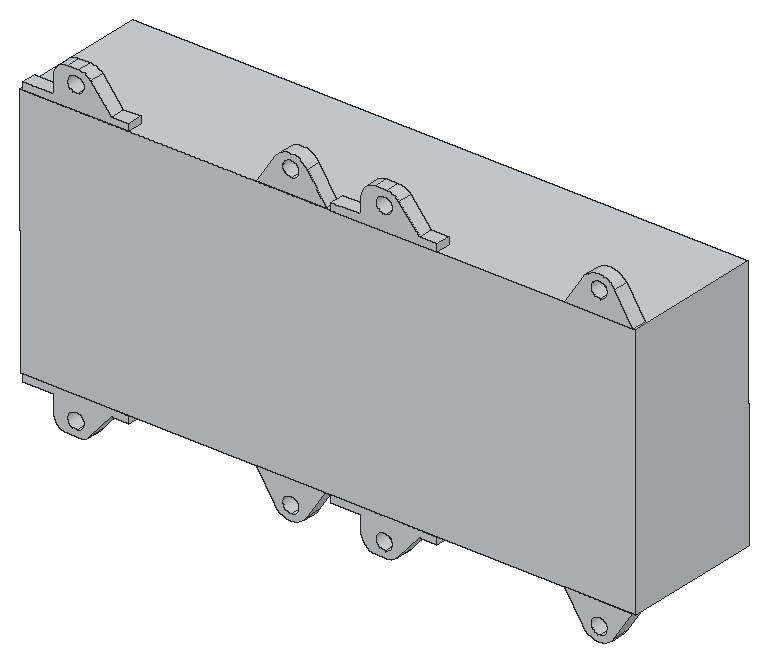
Revit family "Power-MouldedCaseDevices-GEWISS-97MSS-CHANGE-OVER_SWITCH_3POS", category Apparecchi elettrici, host Muro, Revit 2016
Family settings
  Host = Muro
  Mantenere orientamento annotazione = Sì
  Tipo di parte = Normale
  Quota connettore circolare = Usa diametro
  Numero OmniClass = 23.80.30.00
  Titolo OmniClass = Distribution Devices
  Sempre verticale = Sì
  Taglio con vuoti quando caricato = No
  Condiviso = No
  Punto di calcolo locali = Sì
Parameters (values of type "GW97761 - CHANGE-OVER SWITCH I O II 4P 125A")
  Version file RFA = "18.0"
  URL = "https://www.gewiss.com/ww/en"
  Technical sheet = "https://www.gewiss.com/ww/en/search?q=GW97761"
  SEO = "3 way switch"
  Realized by GEWISS S.p.A. = ""
  Rated voltage = "400V"
  Rated current: = "125A"
  Rated current (In) = "125A"
  Produttore = "GEWISS S.p.A."
  Number of poles = "4P"
  No. of poles = "4P"
  No. of modules EN 50022 = "12"
  No. Chorus modules = "12"
  Modello = "GW97761"
  Immagine tipo = GW97761.jpg
  IFC.TypeObject = ""
  IFC.ExportType = ""
  IFC.ExportAs = ""
  IDT = "5e6f2f36-ae44-4c4c-b281-5b61835e2b2d"
  IDF = "55d3bb61-4078-4bff-abed-4f0f13ea2eb6"
  GW - Codice Electrocod = "150"
  EAN code = "8011564211551"
  Descrizione = "CHANGE-OVER SWITCH I O II 4P 125A"
  Catalogue Range = "97 MSS"
  Catalogue = "POWER"
  COBie.Tagnumber = ""
  COBie.CreatedOn = ""
  COBie.CreatebBy = ""
  COBie.ComponentRegisterItemID = ""
  COBie.Component.TagNumber = ""
  COBie.Component.Space = ""
  COBie.Component.SerialNumber = ""
  COBie.Component.InstallationDate = ""
  COBie.Component.Description = ""
  COBie.Component.BarCode = ""
Reference planes
  plane 1 "Muro": y = 0
  plane 2 "Centro (Sinistra/Destra)": x = 125
  plane 3 "Indietro": y = 75
Text (mm)
  text "Lato posizionamento" at (-1848.837, 1116.779, 0), in view "Livello rif."
  text "Lato posizionamento" at (0, 1409.804, 2854.306), in view "Sinistra"
  text "Lato posizionamento" at (0, 499.811, 2980.732), in view "Destra"
Dimensions and locks
  locked: plane 3 "Indietro" to host wall
  aligned and locked: plane 1 "Muro" to host wall
Nested families
  nested 1: "GENERICO -MSS125 COMMUTATORE 3 POSIZIONI" at (125, 75, 452.206) x (-1, 0, 0) z (0, 0, 1), type "GWD8245 Sganciatore differenziale forma a L 4P per MTX/E160 - regolabile"
Definition of nested family "GENERICO -MSS125 COMMUTATORE 3 POSIZIONI"
  Parameters (values of type "GWD8245 Sganciatore differenziale forma a L 4P per MTX/E160 - regolabile")
    h_barra din = if(Altezza barre = 1 mm, 69.9 mm, if(Altezza barre = 2 mm, 115.8 mm, 0 mm))  # 0 mm
    TIPO = 15
    Default Elevation = 1219.2 mm
    Type Image = element 34903
    IFC.TypeObject = ""
    IFC.ExportType = ""
    IFC.ExportAs = ""
    H = if(AB_O = 1, AB_V, if(AB_O = 2, AB_H, 50.8 mm))  # 50.8 mm
    GW96815 = TIPO = 15  # yes
    GW96814 = TIPO = 0  # no
    GW96813 = TIPO = 13  # no
    GW96810 = TIPO = 10  # no
    GW - Tipo = "Forma \"L\" 4P"
    GW - Installazione = "Piastra/guida DIN"
    GW - Descrizione = "BDR 160 FORMA \"L\" (MTX/E 160) 4P"
    GW - Costruttore = "GEWISS"
    GW - Codice Electrocod = "1511"
    GW - Codice = "GWD8245"
    GW - Catalogo = "POWER"
    GW - Caratteristiche = "Regolabile"
    GW - Adatto per = "MTX/E 160"
    GEWISS URL = "http://www.gewiss.com/prv/it_IT/index.html"
    GEWISS SCHEDA TECNICA = "http://pro.gewiss.com/irj/portal/?NavigationTarget=pcd:portal_content/com.gewiss.ZPPFDMain/com.gewiss.ZPPFDITMain/com.gewiss.ZPPFDITMainDefault/com.gewiss.ZPPFDITPages/com.gewiss.ZPPFDITPagesAP/com.gewiss.ZPPFDITPagesAPCatalogo/com.gewiss.ZPPPDITAPProductDetail&codProd=GWD8245"
    Dist barra din = 0 mm  # constant formula
    COBie.CreatedOn = ""
    COBie.CreatebBy = ""
    COBie.ComponentRegisterItemID = ""
    COBie.Component.TagNumber = ""
    COBie.Component.Space = ""
    COBie.Component.SerialNumber = ""
    COBie.Component.InstallationDate = ""
    COBie.Component.Description = ""
    COBie.Component.BarCode = ""
    C1 = 49 mm  # constant formula
    C = 50 mm  # constant formula
    B1 = 187 mm
    B = 89 mm  # constant formula
    Altezza barre = 5 mm  # constant formula
    AB_V = 3 mm  # constant formula
    AB_H = 5 mm  # constant formula
    AB_O = 0  # constant formula
    A2 = 120 mm  # constant formula
    A = 215 mm  # constant formula
  Types (2, lengths in mm): name | Type Image | GW - Descrizione | GW - Codice | GW - Caratteristiche | GEWISS SCHEDA TECNICA
    GWD8245 Sganciatore differenziale forma a L 4P per MTX/E160 - regolabile | element 34903 | "BDR 160 FORMA \"L\" (MTX/E 160) 4P" | "GWD8245" | "Regolabile" | "http://pro.gewiss.com/irj/portal/?NavigationTarget=pcd:portal_content/com.gewiss.ZPPFDMain/com.gewiss.ZPPFDITMain/com.gewiss.ZPPFDITMainDefault/com.gewiss.ZPPFDITPages/com.gewiss.ZPPFDITPagesAP/com.gewiss.ZPPFDITPagesAPCatalogo/com.gewiss.ZPPPDITAPProductDetail&codProd=GWD8245"
    GWD8244 Sganciatore differenziale forma a L 4P per MTX/E160 - istantaneo | element 34905 | "BDI 160 FORMA \"L\" (MTX/E 160) 4P" | "GWD8244" | "Istantaneo" | "http://pro.gewiss.com/irj/portal/?NavigationTarget=pcd:portal_content/com.gewiss.ZPPFDMain/com.gewiss.ZPPFDITMain/com.gewiss.ZPPFDITMainDefault/com.gewiss.ZPPFDITPages/com.gewiss.ZPPFDITPagesAP/com.gewiss.ZPPFDITPagesAPCatalogo/com.gewiss.ZPPPDITAPProductDetail&codProd=GWD8244"
  Reference planes
    plane 1 "Centro (Fronte/Retro)": y = 0
    plane 2: z = 0
    plane 3 "Centro (Sinistra/Destra)": x = 0
    plane 4: x = -107.5
    plane 5: x = 107.5
    plane 6: z = 119
    plane 7: z = 75
    plane 8 "C1": y = -49
    plane 9: y = -44
    plane 10: z = 30
    plane 11: y = -5
  Forms (mm)
    Extrusion 1, solid
      sketch origin (0, -25, 0) x (0, 0, 1) y (1, 0, 0)
        loop
          line (119, 107.5) -> (30, 107.5) -> (30, -107.5) -> (119, -107.5) -> (119, 107.5)
      from -24 to 25
    Extrusion 2, solid
      sketch origin (83.38, -49, -26.814) x (0, 0, 1) y (1, 0, 0)
        loop
          circle (100.454, -71.284) r 15
      from -3.053 to 5
    Extrusion 3, solid
      sketch origin (83.38, -49, -30.564) x (0, 0, 1) y (1, 0, 0)
        loop
          line (99.064, -62.185) -> (96.031, -65.246) -> (94.575, -67.987) -> (93.908, -72.128) -> (94.709, -75.966) -> (96.456, -78.905) -> (99.675, -81.575) -> (102.92, -82.754) -> (107.207, -82.754) -> (109.575, -82.009) -> (112.099, -80.465) -> (114.077, -78.383) -> (115.497, -75.765) -> (116.204, -72.48) -> (115.827, -68.848) -> (114.421, -65.719) -> (112.28, -63.288) -> (111.064, -62.552) -> (111.064, -19.801) -> (99.064, -19.801) -> (99.064, -62.185)
      from -6.808 to -3.053
    Extrusion 4, solid
      sketch origin (0, -49, 0) x (0, 0, 1) y (1, 0, 0)
        loop
          line (119, -82.538) -> (119, -106.538) -> (128.9, -100.21)
          arc (128.9, -100.21) -> (132.007, -94.538) -> (128.9, -88.865) r 6.732
          line (128.9, -88.865) -> (119, -82.538)
        loop
          line (121.5, -31.959) -> (130.028, -24.718)
          arc (130.028, -24.718) -> (131.483, -22.804) -> (132, -20.456) r 5.591
          line (132, -20.456) -> (132, -16.538)
          arc (132, -16.538) -> (130.536, -13.002) -> (127, -11.538) r 5
          line (127, -11.538) -> (121.5, -11.538) -> (121.5, -1.038) -> (119, -1.038) -> (119, -38.038) -> (121.5, -38.038) -> (121.5, -31.959)
        loop
          arc (128.811, 7.233) -> (131.949, 12.962) -> (128.811, 18.692) r 6.8
          line (128.811, 18.692) -> (119, 24.962) -> (119, 0.962) -> (128.811, 7.233)
        loop
          line (121.5, 75.541) -> (130.028, 82.782)
          arc (130.028, 82.782) -> (131.483, 84.696) -> (132, 87.044) r 5.591
          line (132, 87.044) -> (132, 90.962)
          arc (132, 90.962) -> (130.536, 94.498) -> (127, 95.962) r 5
          line (127, 95.962) -> (121.5, 95.962) -> (121.5, 106.462) -> (119, 106.462) -> (119, 69.462) -> (121.5, 69.462) -> (121.5, 75.541)
        loop
          circle (127.095, -94.736) r 2.852
        loop
          line (30, -82.538) -> (20.1, -88.865)
          arc (20.1, -88.865) -> (16.993, -94.538) -> (20.1, -100.21) r 6.732
          line (20.1, -100.21) -> (30, -106.538) -> (30, -82.538)
        loop
          line (27.5, -31.959) -> (27.5, -38.038) -> (30, -38.038) -> (30, -1.038) -> (27.5, -1.038) -> (27.5, -11.538) -> (22, -11.538)
          arc (22, -11.538) -> (18.464, -13.002) -> (17, -16.538) r 5
          line (17, -16.538) -> (17, -20.456)
          arc (17, -20.456) -> (17.517, -22.804) -> (18.972, -24.718) r 5.591
          line (18.972, -24.718) -> (27.5, -31.959)
        loop
          line (20.189, 7.233) -> (30, 0.962) -> (30, 24.962) -> (20.189, 18.692)
          arc (20.189, 18.692) -> (17.051, 12.962) -> (20.189, 7.233) r 6.8
        loop
          line (27.5, 75.541) -> (27.5, 69.462) -> (30, 69.462) -> (30, 106.462) -> (27.5, 106.462) -> (27.5, 95.962) -> (22, 95.962)
          arc (22, 95.962) -> (18.464, 94.498) -> (17, 90.962) r 5
          line (17, 90.962) -> (17, 87.044)
          arc (17, 87.044) -> (17.517, 84.696) -> (18.972, 82.782) r 5.591
          line (18.972, 82.782) -> (27.5, 75.541)
        loop
          circle (21.905, -94.736) r 2.852
        loop
          circle (127.095, -19.736) r 2.852
        loop
          circle (127.095, 12.934) r 2.852
        loop
          circle (127.095, 87.934) r 2.852
        loop
          circle (21.905, -19.736) r 2.852
        loop
          circle (21.905, 12.934) r 2.852
        loop
          circle (21.905, 87.934) r 2.852
      from 44 to 49
  Lines and regions (mm)
    model lines, visible <- "GW96810", not visible
      curve 1: circle (39.315, -11.642, 65) r 3.397 normal (0, 0, 1)
      curve 2: line (39.989, -9.925, 65) -> (37.628, -9.757, 65)
      curve 3: line (37.628, -9.757, 65) -> (37.797, -12.118, 65)
      curve 4: line (37.797, -12.118, 65) -> (39.989, -9.925, 65)
      curve 5: line (39.204, -10.711, 65) -> (41.666, -13.172, 65)
      curve 6: line (41.666, -13.172, 65) -> (41.043, -13.795, 65)
      curve 7: line (41.043, -13.795, 65) -> (38.582, -11.333, 65)
      curve 8: line (35.573, 5.976, 65) -> (43.073, 5.976, 65)
      curve 9: line (43.073, 5.976, 65) -> (43.073, -1.524, 65)
      curve 10: line (43.073, -1.524, 65) -> (35.573, -1.524, 65)
      curve 11: line (35.573, -1.524, 65) -> (35.573, 5.976, 65)
      curve 12: line (47.203, -21.5, 65) -> (31.703, -21.5, 65)
      curve 13: line (31.703, -21.5, 65) -> (31.703, 21.5, 65)
      curve 14: line (31.703, 21.5, 65) -> (47.203, 21.5, 65)
      curve 15: line (47.203, 21.5, 65) -> (47.203, -21.5, 65)
      curve 16: line (35.138, 19.047, 65) -> (35.138, 17.333, 65)
      curve 17: line (35.138, 17.333, 65) -> (34.564, 17.333, 65)
      curve 18: line (34.564, 17.333, 65) -> (34.232, 17.375, 65)
      curve 19: line (34.232, 17.375, 65) -> (33.824, 17.555, 65)
      curve 20: line (33.824, 17.555, 65) -> (33.501, 17.856, 65)
      curve 21: line (33.501, 17.856, 65) -> (33.287, 18.26, 65)
      curve 22: line (33.287, 18.26, 65) -> (33.22, 18.691, 65)
      curve 23: line (33.22, 18.691, 65) -> (33.284, 19.088, 65)
      curve 24: line (33.284, 19.088, 65) -> (33.456, 19.439, 65)
      curve 25: line (33.456, 19.439, 65) -> (33.765, 19.758, 65)
      curve 26: line (33.765, 19.758, 65) -> (34.139, 19.953, 65)
      curve 27: line (34.139, 19.953, 65) -> (34.559, 20.022, 65)
      curve 28: line (34.559, 20.022, 65) -> (35.138, 20.022, 65)
      curve 29: line (35.138, 20.022, 65) -> (35.138, 19.283, 65)
      curve 30: line (35.138, 19.283, 65) -> (34.163, 19.283, 65)
      curve 31: line (34.163, 19.283, 65) -> (34.163, 18.072, 65)
      curve 32: line (34.163, 18.072, 65) -> (34.401, 18.072, 65)
      curve 33: line (34.401, 18.072, 65) -> (34.401, 19.047, 65)
      curve 34: line (34.401, 19.047, 65) -> (35.138, 19.047, 65)
      curve 35: line (37.458, 17.333, 65) -> (35.375, 17.333, 65)
      curve 36: line (35.375, 17.333, 65) -> (35.375, 20.022, 65)
      curve 37: line (35.375, 20.022, 65) -> (36.483, 20.022, 65)
      curve 38: line (36.483, 20.022, 65) -> (36.483, 19.283, 65)
      curve 39: line (36.483, 19.283, 65) -> (36.113, 19.283, 65)
      curve 40: line (36.113, 19.283, 65) -> (36.113, 19.047, 65)
      curve 41: line (36.113, 19.047, 65) -> (37.458, 19.047, 65)
      curve 42: line (37.458, 19.047, 65) -> (37.458, 18.308, 65)
      curve 43: line (37.458, 18.308, 65) -> (36.114, 18.308, 65)
      curve 44: line (36.114, 18.308, 65) -> (36.114, 18.072, 65)
      curve 45: line (36.114, 18.072, 65) -> (37.458, 18.072, 65)
      curve 46: line (37.458, 18.072, 65) -> (37.458, 17.333, 65)
      curve 47: line (41.225, 17.333, 65) -> (41.225, 19.047, 65)
      curve 48: line (41.225, 19.047, 65) -> (40.486, 19.047, 65)
      curve 49: line (40.486, 19.047, 65) -> (40.486, 17.333, 65)
      curve 50: line (40.486, 17.333, 65) -> (41.225, 17.333, 65)
      curve 51: line (38.75, 17.333, 65) -> (38.972, 18.441, 65)
      curve 52: line (38.972, 18.441, 65) -> (39.193, 17.333, 65)
      curve 53: line (39.193, 17.333, 65) -> (39.932, 17.333, 65)
      curve 54: line (39.932, 17.333, 65) -> (40.39, 19.283, 65)
      curve 55: line (40.39, 19.283, 65) -> (41.225, 19.283, 65)
      curve 56: line (41.225, 19.283, 65) -> (41.225, 20.022, 65)
      curve 57: line (41.225, 20.022, 65) -> (39.806, 20.022, 65)
      curve 58: line (39.806, 20.022, 65) -> (39.541, 18.884, 65)
      curve 59: line (39.541, 18.884, 65) -> (39.356, 20.022, 65)
      curve 60: line (39.356, 20.022, 65) -> (38.588, 20.022, 65)
      curve 61: line (38.588, 20.022, 65) -> (38.403, 18.884, 65)
      curve 62: line (38.403, 18.884, 65) -> (38.137, 20.022, 65)
      curve 63: line (38.137, 20.022, 65) -> (36.719, 20.022, 65)
      curve 64: line (36.719, 20.022, 65) -> (36.719, 19.283, 65)
      curve 65: line (36.719, 19.283, 65) -> (37.554, 19.283, 65)
      curve 66: line (37.554, 19.283, 65) -> (38.011, 17.333, 65)
      curve 67: line (38.011, 17.333, 65) -> (38.75, 17.333, 65)
      curve 68: line (43.544, 20.022, 65) -> (41.461, 20.022, 65)
      curve 69: line (41.461, 20.022, 65) -> (41.461, 18.308, 65)
      curve 70: line (41.461, 18.308, 65) -> (42.805, 18.308, 65)
      curve 71: line (42.805, 18.308, 65) -> (42.805, 18.072, 65)
      curve 72: line (42.805, 18.072, 65) -> (41.461, 18.072, 65)
      curve 73: line (41.461, 18.072, 65) -> (41.461, 17.333, 65)
      curve 74: line (41.461, 17.333, 65) -> (43.544, 17.333, 65)
      curve 75: line (43.544, 17.333, 65) -> (43.544, 19.047, 65)
      curve 76: line (43.544, 19.047, 65) -> (42.2, 19.047, 65)
      curve 77: line (42.2, 19.047, 65) -> (42.2, 19.283, 65)
      curve 78: line (42.2, 19.283, 65) -> (43.544, 19.283, 65)
      curve 79: line (43.544, 19.283, 65) -> (43.544, 20.022, 65)
      curve 80: line (43.78, 20.022, 65) -> (43.78, 18.308, 65)
      curve 81: line (43.78, 18.308, 65) -> (45.034, 18.308, 65)
      curve 82: line (45.034, 18.308, 65) -> (45.034, 18.072, 65)
      curve 83: line (45.034, 18.072, 65) -> (43.78, 18.072, 65)
      curve 84: line (43.78, 18.072, 65) -> (43.78, 17.333, 65)
      curve 85: line (43.78, 17.333, 65) -> (44.519, 17.333, 65)
      curve 86: line (44.519, 17.333, 65) -> (44.945, 17.47, 65)
      curve 87: line (44.945, 17.47, 65) -> (45.221, 17.65, 65)
      curve 88: line (45.221, 17.65, 65) -> (45.536, 18.037, 65)
      curve 89: line (45.536, 18.037, 65) -> (45.682, 18.47, 65)
      curve 90: line (45.682, 18.47, 65) -> (45.687, 18.855, 65)
      curve 91: line (45.687, 18.855, 65) -> (45.647, 19.047, 65)
      curve 92: line (45.647, 19.047, 65) -> (44.519, 19.047, 65)
      curve 93: line (44.519, 19.047, 65) -> (44.519, 19.283, 65)
      curve 94: line (44.519, 19.283, 65) -> (45.546, 19.283, 65)
      curve 95: line (45.546, 19.283, 65) -> (45.413, 19.506, 65)
      curve 96: line (45.413, 19.506, 65) -> (45.221, 19.706, 65)
      curve 97: line (45.221, 19.706, 65) -> (44.953, 19.881, 65)
      curve 98: line (44.953, 19.881, 65) -> (44.674, 19.983, 65)
      curve 99: line (44.674, 19.983, 65) -> (44.36, 20.022, 65)
      curve 100: line (44.36, 20.022, 65) -> (43.78, 20.022, 65)
    model lines, visible <- "GW96813", not visible
      curve 101: circle (75.547, 75.845, 65) r 3.397 normal (0, 0, 1)
      curve 102: line (71.155, 106.621, 65) -> (71.155, 104.859, 65)
      curve 103: line (71.155, 104.859, 65) -> (70.565, 104.859, 65)
      curve 104: line (70.565, 104.859, 65) -> (70.222, 104.902, 65)
      curve 105: line (70.222, 104.902, 65) -> (69.803, 105.087, 65)
      curve 106: line (69.803, 105.087, 65) -> (69.47, 105.396, 65)
      curve 107: line (69.47, 105.396, 65) -> (69.25, 105.812, 65)
      curve 108: line (69.25, 105.812, 65) -> (69.182, 106.255, 65)
      curve 109: line (69.182, 106.255, 65) -> (69.248, 106.664, 65)
      curve 110: line (69.248, 106.664, 65) -> (69.425, 107.025, 65)
      curve 111: line (69.425, 107.025, 65) -> (69.742, 107.354, 65)
      curve 112: line (69.742, 107.354, 65) -> (70.127, 107.553, 65)
      curve 113: line (70.127, 107.553, 65) -> (70.559, 107.625, 65)
      curve 114: line (70.559, 107.625, 65) -> (71.155, 107.625, 65)
      curve 115: line (71.155, 107.625, 65) -> (71.155, 106.865, 65)
      curve 116: line (71.155, 106.865, 65) -> (70.152, 106.865, 65)
      curve 117: line (70.152, 106.865, 65) -> (70.152, 105.619, 65)
      curve 118: line (70.152, 105.619, 65) -> (70.396, 105.619, 65)
      curve 119: line (70.396, 105.619, 65) -> (70.396, 106.621, 65)
      curve 120: line (70.396, 106.621, 65) -> (71.155, 106.621, 65)
      curve 121: line (73.541, 104.859, 65) -> (71.398, 104.859, 65)
      curve 122: line (71.398, 104.859, 65) -> (71.398, 107.625, 65)
      curve 123: line (71.398, 107.625, 65) -> (72.538, 107.625, 65)
      curve 124: line (72.538, 107.625, 65) -> (72.538, 106.865, 65)
      curve 125: line (72.538, 106.865, 65) -> (72.158, 106.865, 65)
      curve 126: line (72.158, 106.865, 65) -> (72.158, 106.622, 65)
      curve 127: line (72.158, 106.622, 65) -> (73.541, 106.622, 65)
      curve 128: line (73.541, 106.622, 65) -> (73.541, 105.862, 65)
      curve 129: line (73.541, 105.862, 65) -> (72.158, 105.862, 65)
      curve 130: line (72.158, 105.862, 65) -> (72.158, 105.619, 65)
      curve 131: line (72.158, 105.619, 65) -> (73.541, 105.619, 65)
      curve 132: line (73.541, 105.619, 65) -> (73.541, 104.859, 65)
      curve 133: line (77.416, 104.859, 65) -> (77.416, 106.622, 65)
      curve 134: line (77.416, 106.622, 65) -> (76.656, 106.622, 65)
      curve 135: line (76.656, 106.622, 65) -> (76.656, 104.859, 65)
      curve 136: line (76.656, 104.859, 65) -> (77.416, 104.859, 65)
      curve 137: line (74.871, 104.859, 65) -> (75.099, 105.999, 65)
      curve 138: line (75.099, 105.999, 65) -> (75.327, 104.859, 65)
      curve 139: line (75.327, 104.859, 65) -> (76.086, 104.859, 65)
      curve 140: line (76.086, 104.859, 65) -> (76.557, 106.865, 65)
      curve 141: line (76.557, 106.865, 65) -> (77.416, 106.865, 65)
      curve 142: line (77.416, 106.865, 65) -> (77.416, 107.625, 65)
      curve 143: line (77.416, 107.625, 65) -> (75.957, 107.625, 65)
      curve 144: line (75.957, 107.625, 65) -> (75.684, 106.454, 65)
      curve 145: line (75.684, 106.454, 65) -> (75.494, 107.625, 65)
      curve 146: line (75.494, 107.625, 65) -> (74.704, 107.625, 65)
      curve 147: line (74.704, 107.625, 65) -> (74.514, 106.454, 65)
      curve 148: line (74.514, 106.454, 65) -> (74.24, 107.625, 65)
      curve 149: line (74.24, 107.625, 65) -> (72.781, 107.625, 65)
      curve 150: line (72.781, 107.625, 65) -> (72.781, 106.865, 65)
      curve 151: line (72.781, 106.865, 65) -> (73.64, 106.865, 65)
      curve 152: line (73.64, 106.865, 65) -> (74.11, 104.859, 65)
      curve 153: line (74.11, 104.859, 65) -> (74.871, 104.859, 65)
      curve 154: line (79.802, 107.625, 65) -> (77.659, 107.625, 65)
      curve 155: line (77.659, 107.625, 65) -> (77.659, 105.862, 65)
      curve 156: line (77.659, 105.862, 65) -> (79.042, 105.862, 65)
      curve 157: line (79.042, 105.862, 65) -> (79.042, 105.619, 65)
      curve 158: line (79.042, 105.619, 65) -> (77.659, 105.619, 65)
      curve 159: line (77.659, 105.619, 65) -> (77.659, 104.859, 65)
      curve 160: line (77.659, 104.859, 65) -> (79.802, 104.859, 65)
      curve 161: line (79.802, 104.859, 65) -> (79.802, 106.622, 65)
      curve 162: line (79.802, 106.622, 65) -> (78.419, 106.622, 65)
      curve 163: line (78.419, 106.622, 65) -> (78.419, 106.865, 65)
      curve 164: line (78.419, 106.865, 65) -> (79.802, 106.865, 65)
      curve 165: line (79.802, 106.865, 65) -> (79.802, 107.625, 65)
      curve 166: line (80.045, 107.625, 65) -> (80.045, 105.862, 65)
      curve 167: line (80.045, 105.862, 65) -> (81.335, 105.862, 65)
      curve 168: line (81.335, 105.862, 65) -> (81.335, 105.619, 65)
      curve 169: line (81.335, 105.619, 65) -> (80.045, 105.619, 65)
      curve 170: line (80.045, 105.619, 65) -> (80.045, 104.859, 65)
      curve 171: line (80.045, 104.859, 65) -> (80.805, 104.859, 65)
      curve 172: line (80.805, 104.859, 65) -> (81.244, 105, 65)
      curve 173: line (81.244, 105, 65) -> (81.527, 105.184, 65)
      curve 174: line (81.527, 105.184, 65) -> (81.851, 105.582, 65)
      curve 175: line (81.851, 105.582, 65) -> (82.002, 106.029, 65)
      curve 176: line (82.002, 106.029, 65) -> (82.006, 106.425, 65)
      curve 177: line (82.006, 106.425, 65) -> (81.965, 106.622, 65)
      curve 178: line (81.965, 106.622, 65) -> (80.805, 106.622, 65)
      curve 179: line (80.805, 106.622, 65) -> (80.805, 106.865, 65)
      curve 180: line (80.805, 106.865, 65) -> (81.862, 106.865, 65)
      curve 181: line (81.862, 106.865, 65) -> (81.724, 107.094, 65)
      curve 182: line (81.724, 107.094, 65) -> (81.527, 107.299, 65)
      curve 183: line (81.527, 107.299, 65) -> (81.252, 107.48, 65)
      curve 184: line (81.252, 107.48, 65) -> (80.964, 107.585, 65)
      curve 185: line (80.964, 107.585, 65) -> (80.641, 107.625, 65)
      curve 186: line (80.641, 107.625, 65) -> (80.045, 107.625, 65)
      curve 187: line (76.221, 77.561, 65) -> (73.86, 77.73, 65)
      curve 188: line (73.86, 77.73, 65) -> (74.028, 75.368, 65)
      curve 189: line (74.028, 75.368, 65) -> (76.221, 77.561, 65)
      curve 190: line (75.436, 76.776, 65) -> (77.898, 74.314, 65)
      curve 191: line (77.898, 74.314, 65) -> (77.275, 73.692, 65)
      curve 192: line (77.275, 73.692, 65) -> (74.814, 76.154, 65)
      curve 193: line (71.805, 93.463, 65) -> (79.305, 93.463, 65)
      curve 194: line (79.305, 93.463, 65) -> (79.305, 85.963, 65)
      curve 195: line (79.305, 85.963, 65) -> (71.805, 85.963, 65)
      curve 196: line (71.805, 85.963, 65) -> (71.805, 93.463, 65)
      curve 197: line (83.435, 65.987, 65) -> (67.935, 65.987, 65)
      curve 198: line (67.935, 65.987, 65) -> (67.935, 108.987, 65)
      curve 199: line (67.935, 108.987, 65) -> (83.435, 108.987, 65)
      curve 200: line (83.435, 108.987, 65) -> (83.435, 65.987, 65)
    model lines, visible <- "GW96815", not visible
      curve 201: line (151.162, 97.404, 65) -> (148.886, 96.753, 65)
      curve 202: line (148.886, 96.753, 65) -> (149.853, 94.593, 65)
      curve 203: line (149.853, 94.593, 65) -> (151.162, 97.404, 65)
      curve 204: line (150.693, 96.397, 65) -> (153.85, 94.928, 65)
      curve 205: line (153.85, 94.928, 65) -> (153.478, 94.13, 65)
      curve 206: line (153.478, 94.13, 65) -> (150.322, 95.599, 65)
      curve 207: line (152.018, 103.952, 65) -> (153.644, 105.673, 65)
      curve 208: line (153.644, 105.673, 65) -> (151.71, 107.038, 65)
      curve 209: line (151.71, 107.038, 65) -> (152.018, 103.952, 65)
      curve 210: line (151.908, 105.057, 65) -> (148.443, 104.711, 65)
      curve 211: line (148.443, 104.711, 65) -> (148.356, 105.587, 65)
      curve 212: line (148.356, 105.587, 65) -> (151.82, 105.933, 65)
      curve 213: line (149.709, 74.37, 65) -> (151.709, 73.102, 65)
      curve 214: line (151.709, 73.102, 65) -> (152.68, 75.26, 65)
      curve 215: line (152.68, 75.26, 65) -> (149.709, 74.37, 65)
      curve 216: line (150.773, 74.689, 65) -> (149.773, 78.023, 65)
      curve 217: line (149.773, 78.023, 65) -> (150.616, 78.276, 65)
      curve 218: line (150.616, 78.276, 65) -> (151.616, 74.941, 65)
      curve 219: line (144.902, 102.723, 65) -> (144.902, 108.399, 65)
      curve 220: line (144.902, 108.399, 65) -> (146.733, 108.399, 65)
      curve 221: line (146.733, 108.399, 65) -> (146.733, 102.723, 65)
      curve 222: line (146.733, 102.723, 65) -> (144.902, 102.723, 65)
      curve 223: line (144.902, 72.723, 65) -> (144.902, 78.399, 65)
      curve 224: line (144.902, 78.399, 65) -> (146.733, 78.399, 65)
      curve 225: line (146.733, 78.399, 65) -> (146.733, 72.723, 65)
      curve 226: line (146.733, 72.723, 65) -> (144.902, 72.723, 65)
      curve 227: line (151.099, 108.91, 65) -> (152.78, 108.459, 65)
      curve 228: line (152.78, 108.459, 65) -> (154.01, 107.229, 65)
      curve 229: line (154.01, 107.229, 65) -> (154.46, 105.549, 65)
      curve 230: line (154.46, 105.549, 65) -> (154.01, 103.869, 65)
      curve 231: line (154.01, 103.869, 65) -> (152.78, 102.639, 65)
      curve 232: line (152.78, 102.639, 65) -> (151.099, 102.189, 65)
      curve 233: line (151.099, 102.189, 65) -> (149.419, 102.639, 65)
      curve 234: line (149.419, 102.639, 65) -> (148.189, 103.869, 65)
      curve 235: line (148.189, 103.869, 65) -> (147.739, 105.549, 65)
      curve 236: line (147.739, 105.549, 65) -> (148.189, 107.229, 65)
      curve 237: line (148.189, 107.229, 65) -> (149.419, 108.459, 65)
      curve 238: line (149.419, 108.459, 65) -> (151.099, 108.91, 65)
      curve 239: line (147.739, 95.598, 65) -> (148.189, 97.278, 65)
      curve 240: line (148.189, 97.278, 65) -> (149.419, 98.508, 65)
      curve 241: line (149.419, 98.508, 65) -> (151.099, 98.958, 65)
      curve 242: line (151.099, 98.958, 65) -> (152.78, 98.508, 65)
      curve 243: line (152.78, 98.508, 65) -> (154.01, 97.278, 65)
      curve 244: line (154.01, 97.278, 65) -> (154.46, 95.598, 65)
      curve 245: line (154.46, 95.598, 65) -> (154.01, 93.918, 65)
      curve 246: line (154.01, 93.918, 65) -> (152.78, 92.688, 65)
      curve 247: line (152.78, 92.688, 65) -> (151.099, 92.237, 65)
      curve 248: line (151.099, 92.237, 65) -> (149.419, 92.688, 65)
      curve 249: line (149.419, 92.688, 65) -> (148.189, 93.918, 65)
      curve 250: line (148.189, 93.918, 65) -> (147.739, 95.598, 65)
      curve 251: line (147.739, 75.598, 65) -> (148.189, 77.278, 65)
      curve 252: line (148.189, 77.278, 65) -> (149.419, 78.508, 65)
      curve 253: line (149.419, 78.508, 65) -> (151.099, 78.958, 65)
      curve 254: line (151.099, 78.958, 65) -> (152.78, 78.508, 65)
      curve 255: line (152.78, 78.508, 65) -> (154.01, 77.278, 65)
      curve 256: line (154.01, 77.278, 65) -> (154.46, 75.598, 65)
      curve 257: line (154.46, 75.598, 65) -> (154.01, 73.918, 65)
      curve 258: line (154.01, 73.918, 65) -> (152.78, 72.688, 65)
      curve 259: line (152.78, 72.688, 65) -> (151.099, 72.237, 65)
      curve 260: line (151.099, 72.237, 65) -> (149.419, 72.688, 65)
      curve 261: line (149.419, 72.688, 65) -> (148.189, 73.918, 65)
      curve 262: line (148.189, 73.918, 65) -> (147.739, 75.598, 65)
      curve 263: line (151.162, 83.718, 65) -> (148.886, 84.369, 65)
      curve 264: line (148.886, 84.369, 65) -> (149.853, 86.529, 65)
      curve 265: line (149.853, 86.529, 65) -> (151.162, 83.718, 65)
      curve 266: line (150.693, 84.724, 65) -> (153.85, 86.193, 65)
      curve 267: line (153.85, 86.193, 65) -> (153.478, 86.991, 65)
      curve 268: line (153.478, 86.991, 65) -> (150.322, 85.522, 65)
      curve 269: line (147.739, 85.524, 65) -> (148.189, 83.844, 65)
      curve 270: line (148.189, 83.844, 65) -> (149.419, 82.614, 65)
      curve 271: line (149.419, 82.614, 65) -> (151.099, 82.164, 65)
      curve 272: line (151.099, 82.164, 65) -> (152.78, 82.614, 65)
      curve 273: line (152.78, 82.614, 65) -> (154.01, 83.844, 65)
      curve 274: line (154.01, 83.844, 65) -> (154.46, 85.524, 65)
      curve 275: line (154.46, 85.524, 65) -> (154.01, 87.204, 65)
      curve 276: line (154.01, 87.204, 65) -> (152.78, 88.434, 65)
      curve 277: line (152.78, 88.434, 65) -> (151.099, 88.884, 65)
      curve 278: line (151.099, 88.884, 65) -> (149.419, 88.434, 65)
      curve 279: line (149.419, 88.434, 65) -> (148.189, 87.204, 65)
      curve 280: line (148.189, 87.204, 65) -> (147.739, 85.524, 65)
    model lines, not visible
      curve 281: circle (304.259, 0, 141.711) r 0.678 normal (0, -1, 0)
      curve 282: circle (304.259, 0, 134.602) r 0.678 normal (0, -1, 0)
      curve 283: circle (301.178, 0, 82.361) r 0.678 normal (0, -1, 0)
      curve 284: circle (301.178, 0, 75.252) r 0.678 normal (0, -1, 0)
      curve 285: arc (282.756, 0, 157.287) -> (280.578, 0, 155.109) -> (282.756, 0, 152.931) r 2.178
      curve 286: arc (298.615, 0, 152.931) -> (300.337, 0, 153.775) -> (300.724, 0, 155.653) r 2.178
      curve 287: arc (300.501, 0, 156.198) -> (299.704, 0, 156.995) -> (298.615, 0, 157.287) r 2.178
      curve 288: circle (299.238, 0, 147.109) r 2.087 normal (0, -1, 0)
      curve 289: circle (284.942, 0, 131.54) r 3.735 normal (0, -1, 0)
      curve 290: circle (280.988, 0, 147.492) r 1.353 normal (0, -1, 0)
      curve 291: circle (299.609, 0, 60.13) r 5.811 normal (0, -1, 0)
      curve 292: circle (335.07, 0, 67.43) r 5.139 normal (0, -1, 0)
      curve 293: circle (382.98, 0, 67.43) r 5.139 normal (0, -1, 0)
      curve 294: circle (335.07, 0, 67.43) r 4.209 normal (0, -1, 0)
      curve 295: circle (382.98, 0, 67.43) r 4.209 normal (0, -1, 0)
      curve 296: line (278.189, 0, 207.62) -> (278.189, 0, 22.655)
      curve 297: line (278.189, 0, 22.655) -> (278.527, 0, 21.978)
      curve 298: line (278.527, 0, 21.978) -> (278.189, 0, 22.655)
      curve 299: line (278.527, 0, 21.978) -> (279.204, 0, 21.64)
      curve 300: line (279.204, 0, 21.64) -> (278.527, 0, 21.978)
      curve 301: line (308.193, 0, 50.181) -> (308.193, 0, 93.18)
      curve 302: line (308.193, 0, 93.18) -> (308.193, 0, 50.181)
      curve 303: line (308.193, 0, 50.181) -> (278.189, 0, 50.181)
      curve 304: line (281.236, 0, 21.64) -> (279.204, 0, 21.64)
      curve 305: line (279.204, 0, 21.64) -> (281.236, 0, 21.64)
      curve 306: line (308.193, 0, 189.62) -> (308.193, 0, 191.483)
      curve 307: line (308.193, 0, 191.483) -> (308.193, 0, 189.62)
      curve 308: line (307.137, 0, 93.18) -> (308.193, 0, 93.18)
      curve 309: line (308.193, 0, 93.18) -> (308.193, 0, 115.641)
      curve 310: line (308.193, 0, 115.641) -> (308.193, 0, 93.18)
      curve 311: line (308.193, 0, 93.18) -> (307.137, 0, 93.18)
      curve 312: line (305.275, 0, 159.149) -> (281.236, 0, 159.149)
      curve 313: line (281.236, 0, 159.149) -> (305.275, 0, 159.149)
      curve 314: line (305.275, 0, 159.149) -> (308.193, 0, 159.149)
      curve 315: line (308.193, 0, 159.149) -> (308.193, 0, 160.672)
      curve 316: line (308.193, 0, 160.672) -> (308.193, 0, 159.149)
      curve 317: line (308.193, 0, 159.149) -> (305.275, 0, 159.149)
      curve 318: line (308.193, 0, 117.165) -> (308.193, 0, 159.149)
      curve 319: line (308.193, 0, 159.149) -> (308.193, 0, 117.165)
      curve 320: line (308.193, 0, 117.165) -> (308.193, 0, 115.641)
      curve 321: line (308.193, 0, 115.641) -> (308.193, 0, 117.165)
      curve 322: line (281.236, 0, 159.149) -> (278.189, 0, 159.149)
      curve 323: line (278.189, 0, 159.149) -> (281.236, 0, 159.149)
      curve 324: line (305.275, 0, 115.641) -> (308.193, 0, 115.641)
      curve 325: line (308.193, 0, 115.641) -> (305.275, 0, 115.641)
      curve 326: line (305.275, 0, 115.641) -> (281.236, 0, 115.641)
      curve 327: line (281.236, 0, 115.641) -> (305.275, 0, 115.641)
      curve 328: line (281.236, 0, 115.641) -> (278.189, 0, 115.641)
      curve 329: line (278.189, 0, 115.641) -> (281.236, 0, 115.641)
      curve 330: line (308.193, 0, 93.18) -> (307.854, 0, 93.18)
      curve 331: line (307.854, 0, 93.18) -> (308.193, 0, 93.18)
      curve 332: line (308.193, 0, 93.18) -> (428.193, 0, 93.18)
      curve 333: line (428.193, 0, 93.18) -> (428.193, 0, 21.64)
      curve 334: line (428.193, 0, 21.64) -> (308.193, 0, 21.64)
      curve 335: line (308.193, 0, 21.64) -> (308.193, 0, 50.181)
      curve 336: line (308.193, 0, 50.181) -> (308.193, 0, 21.64)
      curve 337: line (308.193, 0, 21.64) -> (281.236, 0, 21.64)
      curve 338: line (281.236, 0, 21.64) -> (308.193, 0, 21.64)
      curve 339: line (285.468, 0, 93.18) -> (284.96, 0, 93.18)
      curve 340: line (284.96, 0, 93.18) -> (285.468, 0, 93.18)
      curve 341: line (280.897, 0, 93.18) -> (280.22, 0, 93.18)
      curve 342: line (280.22, 0, 93.18) -> (280.897, 0, 93.18)
      curve 343: line (282.082, 0, 93.18) -> (282.759, 0, 93.18)
      curve 344: line (282.759, 0, 93.18) -> (282.082, 0, 93.18)
      curve 345: line (283.436, 0, 93.18) -> (284.96, 0, 93.18)
      curve 346: line (284.96, 0, 93.18) -> (283.436, 0, 93.18)
      curve 347: line (279.373, 0, 93.18) -> (278.189, 0, 93.18)
      curve 348: line (278.189, 0, 93.18) -> (279.373, 0, 93.18)
      curve 349: line (279.373, 0, 93.18) -> (307.137, 0, 93.18)
      curve 350: line (307.137, 0, 93.18) -> (279.373, 0, 93.18)
      curve 351: line (278.527, 0, 208.298) -> (279.204, 0, 208.635)
      curve 352: line (279.204, 0, 208.635) -> (278.527, 0, 208.298)
      curve 353: line (278.527, 0, 208.298) -> (278.189, 0, 207.62)
      curve 354: line (278.189, 0, 207.62) -> (278.527, 0, 208.298)
      curve 355: line (281.236, 0, 191.387) -> (280.728, 0, 191.387)
      curve 356: line (280.728, 0, 191.387) -> (280.22, 0, 191.387)
      curve 357: line (280.22, 0, 191.387) -> (280.728, 0, 191.387)
      curve 358: line (280.728, 0, 191.387) -> (281.236, 0, 191.387)
      curve 359: line (282.082, 0, 191.387) -> (281.236, 0, 191.387)
      curve 360: line (281.236, 0, 191.387) -> (282.082, 0, 191.387)
      curve 361: line (282.082, 0, 191.387) -> (282.59, 0, 191.387)
      curve 362: line (282.59, 0, 191.387) -> (282.082, 0, 191.387)
      curve 363: line (283.945, 0, 191.387) -> (282.59, 0, 191.387)
      curve 364: line (282.59, 0, 191.387) -> (283.945, 0, 191.387)
      curve 365: line (283.945, 0, 191.387) -> (284.452, 0, 191.387)
      curve 366: line (284.452, 0, 191.387) -> (283.945, 0, 191.387)
      curve 367: line (285.637, 0, 191.387) -> (284.452, 0, 191.387)
      curve 368: line (284.452, 0, 191.387) -> (285.637, 0, 191.387)
      curve 369: line (285.637, 0, 191.387) -> (286.146, 0, 191.387)
      curve 370: line (286.146, 0, 191.387) -> (285.637, 0, 191.387)
      curve 371: line (287.5, 0, 191.387) -> (286.146, 0, 191.387)
      curve 372: line (286.146, 0, 191.387) -> (287.5, 0, 191.387)
      curve 373: line (287.5, 0, 191.387) -> (288.007, 0, 191.387)
      curve 374: line (288.007, 0, 191.387) -> (287.5, 0, 191.387)
      curve 375: line (289.362, 0, 191.387) -> (289.869, 0, 191.387)
      curve 376: line (289.869, 0, 191.387) -> (289.362, 0, 191.387)
      curve 377: line (289.362, 0, 191.387) -> (288.007, 0, 191.387)
      curve 378: line (288.007, 0, 191.387) -> (289.362, 0, 191.387)
      curve 379: line (291.563, 0, 191.387) -> (291.055, 0, 191.387)
      curve 380: line (291.055, 0, 191.387) -> (291.563, 0, 191.387)
      curve 381: line (291.563, 0, 191.387) -> (291.055, 0, 191.387)
      curve 382: line (291.055, 0, 191.387) -> (291.563, 0, 191.387)
      curve 383: line (292.917, 0, 191.387) -> (293.425, 0, 191.387)
      curve 384: line (293.425, 0, 191.387) -> (292.917, 0, 191.387)
      curve 385: line (292.917, 0, 191.387) -> (291.563, 0, 191.387)
      curve 386: line (291.563, 0, 191.387) -> (292.917, 0, 191.387)
      curve 387: line (294.61, 0, 191.387) -> (295.118, 0, 191.387)
      curve 388: line (295.118, 0, 191.387) -> (294.61, 0, 191.387)
      curve 389: line (294.61, 0, 191.387) -> (293.425, 0, 191.387)
      curve 390: line (293.425, 0, 191.387) -> (294.61, 0, 191.387)
      curve 391: line (296.472, 0, 191.387) -> (296.98, 0, 191.387)
      curve 392: line (296.98, 0, 191.387) -> (296.472, 0, 191.387)
      curve 393: line (296.472, 0, 191.387) -> (295.118, 0, 191.387)
      curve 394: line (295.118, 0, 191.387) -> (296.472, 0, 191.387)
      curve 395: line (298.334, 0, 191.387) -> (298.842, 0, 191.387)
      curve 396: line (298.842, 0, 191.387) -> (298.334, 0, 191.387)
      curve 397: line (298.334, 0, 191.387) -> (296.98, 0, 191.387)
      curve 398: line (296.98, 0, 191.387) -> (298.334, 0, 191.387)
      curve 399: line (300.027, 0, 191.387) -> (298.842, 0, 191.387)
      curve 400: line (298.842, 0, 191.387) -> (300.027, 0, 191.387)
      curve 401: line (300.027, 0, 191.387) -> (300.535, 0, 191.387)
      curve 402: line (300.535, 0, 191.387) -> (300.027, 0, 191.387)
      curve 403: line (301.889, 0, 191.387) -> (302.397, 0, 191.387)
      curve 404: line (302.397, 0, 191.387) -> (301.889, 0, 191.387)
      curve 405: line (301.889, 0, 191.387) -> (300.535, 0, 191.387)
      curve 406: line (300.535, 0, 191.387) -> (301.889, 0, 191.387)
      curve 407: line (303.752, 0, 191.387) -> (304.259, 0, 191.387)
      curve 408: line (304.259, 0, 191.387) -> (303.752, 0, 191.387)
      curve 409: line (303.752, 0, 191.387) -> (302.397, 0, 191.387)
      curve 410: line (302.397, 0, 191.387) -> (303.752, 0, 191.387)
      curve 411: line (305.444, 0, 191.387) -> (304.259, 0, 191.387)
      curve 412: line (304.259, 0, 191.387) -> (305.444, 0, 191.387)
      curve 413: line (305.444, 0, 191.387) -> (308.193, 0, 191.387)
      curve 414: line (308.193, 0, 191.387) -> (305.444, 0, 191.387)
      curve 415: line (280.728, 0, 191.387) -> (280.22, 0, 191.387)
      curve 416: line (280.22, 0, 191.387) -> (280.728, 0, 191.387)
      curve 417: line (280.22, 0, 191.387) -> (278.189, 0, 191.387)
      curve 418: line (278.189, 0, 191.387) -> (280.22, 0, 191.387)
      curve 419: line (279.204, 0, 208.635) -> (308.193, 0, 208.635)
      curve 420: line (308.193, 0, 208.635) -> (279.204, 0, 208.635)
      curve 421: line (291.055, 0, 191.387) -> (289.869, 0, 191.387)
      curve 422: line (289.869, 0, 191.387) -> (291.055, 0, 191.387)
      curve 423: line (308.193, 0, 185.388) -> (308.193, 0, 161.518)
      curve 424: line (308.193, 0, 161.518) -> (308.193, 0, 185.388)
      curve 425: line (306.63, 0, 137.309) -> (305.783, 0, 136.972)
      curve 426: line (305.783, 0, 136.972) -> (302.736, 0, 136.972)
      curve 427: line (302.736, 0, 136.972) -> (305.783, 0, 136.972)
      curve 428: line (305.783, 0, 136.972) -> (306.63, 0, 137.309)
      curve 429: line (302.736, 0, 139.342) -> (305.783, 0, 139.342)
      curve 430: line (305.783, 0, 139.342) -> (302.736, 0, 139.342)
      curve 431: line (302.736, 0, 139.342) -> (301.889, 0, 139.003)
      curve 432: line (301.889, 0, 139.003) -> (302.736, 0, 139.342)
      curve 433: line (301.889, 0, 139.003) -> (301.551, 0, 138.157)
      curve 434: line (301.551, 0, 138.157) -> (301.889, 0, 139.003)
      curve 435: line (301.551, 0, 138.157) -> (301.889, 0, 137.309)
      curve 436: line (301.889, 0, 137.309) -> (301.551, 0, 138.157)
      curve 437: line (301.889, 0, 137.309) -> (302.736, 0, 136.972)
      curve 438: line (302.736, 0, 136.972) -> (301.889, 0, 137.309)
      curve 439: line (308.193, 0, 128.168) -> (308.193, 0, 117.502)
      curve 440: line (308.193, 0, 117.502) -> (308.193, 0, 128.168)
      curve 441: line (308.193, 0, 148.145) -> (308.193, 0, 158.979)
      curve 442: line (308.193, 0, 158.979) -> (308.193, 0, 148.145)
      curve 443: line (278.189, 0, 160.637) -> (308.193, 0, 160.672)
      curve 444: line (308.193, 0, 160.672) -> (308.193, 0, 191.483)
      curve 445: line (308.193, 0, 191.483) -> (308.193, 0, 160.672)
      curve 446: line (308.193, 0, 115.641) -> (308.193, 0, 93.858)
      curve 447: line (308.193, 0, 93.858) -> (308.193, 0, 115.641)
      curve 448: line (308.193, 0, 150.176) -> (308.193, 0, 126.136)
      curve 449: line (308.193, 0, 126.136) -> (308.193, 0, 150.176)
      curve 450: line (308.193, 0, 208.635) -> (308.193, 0, 191.387)
      curve 451: line (308.193, 0, 191.387) -> (308.193, 0, 208.635)
      curve 452: line (305.783, 0, 139.342) -> (306.63, 0, 139.003)
      curve 453: line (306.63, 0, 139.003) -> (305.783, 0, 139.342)
      curve 454: line (306.63, 0, 139.003) -> (306.968, 0, 138.157)
      curve 455: line (306.968, 0, 138.157) -> (306.63, 0, 139.003)
      curve 456: line (306.968, 0, 138.157) -> (306.63, 0, 137.309)
      curve 457: line (306.63, 0, 137.309) -> (306.968, 0, 138.157)
      curve 458: line (303.548, 0, 77.959) -> (302.702, 0, 77.621)
      curve 459: line (302.702, 0, 77.621) -> (299.654, 0, 77.621)
      curve 460: line (299.654, 0, 77.621) -> (302.702, 0, 77.621)
      curve 461: line (302.702, 0, 77.621) -> (303.548, 0, 77.959)
      curve 462: line (299.654, 0, 79.991) -> (302.702, 0, 79.991)
      curve 463: line (302.702, 0, 79.991) -> (299.654, 0, 79.991)
      curve 464: line (299.654, 0, 79.991) -> (298.808, 0, 79.652)
      curve 465: line (298.808, 0, 79.652) -> (299.654, 0, 79.991)
      curve 466: line (298.808, 0, 79.652) -> (298.469, 0, 78.806)
      curve 467: line (298.469, 0, 78.806) -> (298.808, 0, 79.652)
      curve 468: line (298.469, 0, 78.806) -> (298.808, 0, 77.959)
      curve 469: line (298.808, 0, 77.959) -> (298.469, 0, 78.806)
      curve 470: line (298.808, 0, 77.959) -> (299.654, 0, 77.621)
      curve 471: line (299.654, 0, 77.621) -> (298.808, 0, 77.959)
      curve 472: line (302.702, 0, 79.991) -> (303.548, 0, 79.652)
      curve 473: line (303.548, 0, 79.652) -> (302.702, 0, 79.991)
      curve 474: line (303.548, 0, 79.652) -> (303.887, 0, 78.806)
      curve 475: line (303.887, 0, 78.806) -> (303.548, 0, 79.652)
      curve 476: line (303.887, 0, 78.806) -> (303.548, 0, 77.959)
      curve 477: line (303.548, 0, 77.959) -> (303.887, 0, 78.806)
      curve 478: line (288.425, 0, 121.937) -> (288.332, 0, 121.413)
      curve 479: line (288.332, 0, 121.413) -> (288.372, 0, 121.066)
      curve 480: line (288.372, 0, 121.066) -> (288.332, 0, 121.413)
      curve 481: line (288.332, 0, 121.413) -> (288.425, 0, 121.937)
      curve 482: line (288.372, 0, 121.066) -> (288.49, 0, 120.737)
      curve 483: line (288.49, 0, 120.737) -> (288.372, 0, 121.066)
      curve 484: line (288.49, 0, 120.737) -> (288.673, 0, 120.437)
      curve 485: line (288.673, 0, 120.437) -> (288.49, 0, 120.737)
      curve 486: line (288.673, 0, 120.437) -> (289.185, 0, 119.913)
      curve 487: line (289.185, 0, 119.913) -> (288.673, 0, 120.437)
      curve 488: line (289.185, 0, 119.913) -> (289.801, 0, 119.52)
      curve 489: line (289.801, 0, 119.52) -> (289.185, 0, 119.913)
      curve 490: line (289.801, 0, 119.52) -> (290.477, 0, 119.22)
      curve 491: line (290.477, 0, 119.22) -> (289.801, 0, 119.52)
      curve 492: line (290.477, 0, 119.22) -> (291.189, 0, 118.997)
      curve 493: line (291.189, 0, 118.997) -> (290.477, 0, 119.22)
      curve 494: line (291.189, 0, 118.997) -> (291.912, 0, 118.844)
      curve 495: line (291.912, 0, 118.844) -> (291.189, 0, 118.997)
      curve 496: line (291.912, 0, 118.844) -> (292.647, 0, 118.75)
      curve 497: line (292.647, 0, 118.75) -> (291.912, 0, 118.844)
      curve 498: line (292.647, 0, 118.75) -> (293.799, 0, 118.715)
      curve 499: line (293.799, 0, 118.715) -> (292.647, 0, 118.75)
      curve 500: line (293.799, 0, 118.715) -> (294.952, 0, 118.815)
      curve 501: line (294.952, 0, 118.815) -> (293.799, 0, 118.715)
      curve 502: line (294.952, 0, 118.815) -> (296.086, 0, 119.055)
      curve 503: line (296.086, 0, 119.055) -> (294.952, 0, 118.815)
      curve 504: line (296.086, 0, 119.055) -> (296.598, 0, 119.227)
      curve 505: line (296.598, 0, 119.227) -> (296.086, 0, 119.055)
      curve 506: line (296.598, 0, 119.227) -> (297.098, 0, 119.438)
      curve 507: line (297.098, 0, 119.438) -> (296.598, 0, 119.227)
      curve 508: line (297.098, 0, 119.438) -> (297.581, 0, 119.701)
      curve 509: line (297.581, 0, 119.701) -> (297.098, 0, 119.438)
      curve 510: line (297.581, 0, 119.701) -> (298.015, 0, 120.031)
      curve 511: line (298.015, 0, 120.031) -> (297.581, 0, 119.701)
      curve 512: line (298.015, 0, 120.031) -> (298.38, 0, 120.426)
      curve 513: line (298.38, 0, 120.426) -> (298.015, 0, 120.031)
      curve 514: line (298.38, 0, 120.426) -> (298.633, 0, 120.89)
      curve 515: line (298.633, 0, 120.89) -> (298.38, 0, 120.426)
      curve 516: line (298.633, 0, 120.89) -> (298.732, 0, 121.413)
      curve 517: line (298.732, 0, 121.413) -> (298.633, 0, 120.89)
      curve 518: line (298.732, 0, 121.413) -> (298.692, 0, 121.76)
      curve 519: line (298.692, 0, 121.76) -> (298.732, 0, 121.413)
      curve 520: line (298.692, 0, 121.76) -> (298.574, 0, 122.084)
      curve 521: line (298.574, 0, 122.084) -> (298.692, 0, 121.76)
      curve 522: line (298.574, 0, 122.084) -> (298.392, 0, 122.384)
      curve 523: line (298.392, 0, 122.384) -> (298.574, 0, 122.084)
      curve 524: line (298.392, 0, 122.384) -> (297.879, 0, 122.907)
      curve 525: line (297.879, 0, 122.907) -> (298.392, 0, 122.384)
      curve 526: line (297.879, 0, 122.907) -> (297.257, 0, 123.307)
      curve 527: line (297.257, 0, 123.307) -> (297.879, 0, 122.907)
      curve 528: line (297.257, 0, 123.307) -> (296.581, 0, 123.606)
      curve 529: line (296.581, 0, 123.606) -> (297.257, 0, 123.307)
      curve 530: line (296.581, 0, 123.606) -> (295.875, 0, 123.823)
      curve 531: line (295.875, 0, 123.823) -> (296.581, 0, 123.606)
      curve 532: line (295.875, 0, 123.823) -> (295.152, 0, 123.983)
      curve 533: line (295.152, 0, 123.983) -> (295.875, 0, 123.823)
      curve 534: line (295.152, 0, 123.983) -> (294.417, 0, 124.07)
      curve 535: line (294.417, 0, 124.07) -> (295.152, 0, 123.983)
      curve 536: line (294.417, 0, 124.07) -> (293.259, 0, 124.106)
      curve 537: line (293.259, 0, 124.106) -> (294.417, 0, 124.07)
      curve 538: line (293.259, 0, 124.106) -> (292.106, 0, 124.012)
      curve 539: line (292.106, 0, 124.012) -> (293.259, 0, 124.106)
      curve 540: line (292.106, 0, 124.012) -> (290.978, 0, 123.77)
      curve 541: line (290.978, 0, 123.77) -> (292.106, 0, 124.012)
      curve 542: line (290.978, 0, 123.77) -> (290.46, 0, 123.601)
      curve 543: line (290.46, 0, 123.601) -> (290.978, 0, 123.77)
      curve 544: line (290.46, 0, 123.601) -> (289.961, 0, 123.382)
      curve 545: line (289.961, 0, 123.382) -> (290.46, 0, 123.601)
      curve 546: line (289.961, 0, 123.382) -> (289.484, 0, 123.118)
      curve 547: line (289.484, 0, 123.118) -> (289.961, 0, 123.382)
      curve 548: line (289.484, 0, 123.118) -> (289.049, 0, 122.794)
      curve 549: line (289.049, 0, 122.794) -> (289.484, 0, 123.118)
      curve 550: line (289.049, 0, 122.794) -> (288.684, 0, 122.4)
      curve 551: line (288.684, 0, 122.4) -> (289.049, 0, 122.794)
      curve 552: line (288.684, 0, 122.4) -> (288.425, 0, 121.937)
      curve 553: line (288.425, 0, 121.937) -> (288.684, 0, 122.4)
      curve 554: line (293.629, 0, 119.913) -> (293.364, 0, 119.913)
      curve 555: line (293.364, 0, 119.913) -> (293.629, 0, 119.913)
      curve 556: line (293.629, 0, 119.913) -> (293.629, 0, 122.559)
      curve 557: line (293.629, 0, 122.559) -> (293.629, 0, 119.913)
      curve 558: line (294.625, 0, 122.559) -> (293.629, 0, 122.559)
      curve 559: line (293.629, 0, 122.559) -> (294.625, 0, 122.559)
      curve 560: line (294.625, 0, 122.559) -> (294.625, 0, 122.823)
      curve 561: line (294.625, 0, 122.823) -> (294.625, 0, 122.559)
      curve 562: line (294.625, 0, 122.823) -> (292.376, 0, 122.823)
      curve 563: line (292.376, 0, 122.823) -> (294.625, 0, 122.823)
      curve 564: line (293.364, 0, 119.913) -> (293.364, 0, 122.559)
      curve 565: line (293.364, 0, 122.559) -> (292.376, 0, 122.559)
      curve 566: line (292.376, 0, 122.559) -> (292.376, 0, 122.823)
      curve 567: line (292.376, 0, 122.823) -> (292.376, 0, 122.559)
      curve 568: line (292.376, 0, 122.559) -> (293.364, 0, 122.559)
      curve 569: line (293.364, 0, 122.559) -> (293.364, 0, 119.913)
      curve 570: line (289.255, 0, 157.171) -> (289.371, 0, 157.287)
      curve 571: line (282.756, 0, 157.287) -> (283.686, 0, 157.215)
      curve 572: line (283.686, 0, 157.215) -> (283.614, 0, 156.09)
      curve 573: line (283.614, 0, 156.09) -> (282.107, 0, 156.018)
      curve 574: line (282.107, 0, 156.018) -> (282.107, 0, 154.2)
      curve 575: line (282.107, 0, 154.2) -> (282.49, 0, 154.2)
      curve 576: line (282.49, 0, 154.2) -> (282.49, 0, 155.635)
      curve 577: line (282.49, 0, 155.635) -> (283.614, 0, 155.707)
      curve 578: line (283.614, 0, 155.707) -> (283.614, 0, 152.931)
      curve 579: line (283.614, 0, 152.931) -> (282.756, 0, 152.931)
      curve 580: line (287.443, 0, 155.635) -> (287.371, 0, 154.511)
      curve 581: line (287.371, 0, 154.511) -> (285.265, 0, 154.439)
      curve 582: line (285.265, 0, 154.439) -> (285.265, 0, 154.2)
      curve 583: line (285.265, 0, 154.2) -> (287.371, 0, 154.128)
      curve 584: line (287.371, 0, 154.128) -> (287.431, 0, 152.965)
      curve 585: line (287.371, 0, 152.931) -> (284.069, 0, 153.003)
      curve 586: line (284.069, 0, 153.003) -> (284.069, 0, 157.215)
      curve 587: line (284.069, 0, 157.215) -> (285.864, 0, 157.215)
      curve 588: line (285.864, 0, 157.215) -> (285.864, 0, 156.162)
      curve 589: line (285.792, 0, 156.09) -> (285.265, 0, 156.018)
      curve 590: line (285.265, 0, 156.018) -> (285.337, 0, 155.707)
      curve 591: line (285.337, 0, 155.707) -> (287.371, 0, 155.707)
      curve 592: line (290.314, 0, 152.931) -> (291.464, 0, 152.987)
      curve 593: line (291.464, 0, 152.987) -> (292.25, 0, 156.09)
      curve 594: line (292.25, 0, 156.09) -> (293.545, 0, 156.162)
      curve 595: line (293.545, 0, 156.162) -> (293.473, 0, 157.287)
      curve 596: line (293.473, 0, 157.287) -> (291.235, 0, 157.231)
      curve 597: line (291.235, 0, 157.231) -> (290.817, 0, 155.444)
      curve 598: line (290.817, 0, 155.444) -> (290.457, 0, 157.287)
      curve 599: line (290.457, 0, 157.287) -> (289.828, 0, 157.287)
      curve 600: line (289.828, 0, 157.287) -> (289.264, 0, 157.226)
      curve 601: line (289.264, 0, 157.226) -> (288.975, 0, 155.444)
      curve 602: line (288.975, 0, 155.444) -> (288.487, 0, 157.287)
      curve 603: line (288.487, 0, 157.287) -> (286.247, 0, 157.215)
      curve 604: line (286.247, 0, 157.215) -> (286.247, 0, 156.162)
      curve 605: line (286.247, 0, 156.162) -> (287.542, 0, 156.09)
      curve 606: line (287.542, 0, 156.09) -> (288.397, 0, 152.931)
      curve 607: line (288.397, 0, 152.931) -> (289.478, 0, 152.931)
      curve 608: line (289.478, 0, 152.931) -> (289.896, 0, 154.726)
      curve 609: line (289.896, 0, 154.726) -> (290.243, 0, 152.989)
      curve 610: line (293.545, 0, 153.003) -> (293.545, 0, 155.635)
      curve 611: line (293.545, 0, 155.635) -> (292.421, 0, 155.707)
      curve 612: line (292.421, 0, 155.707) -> (292.349, 0, 153.003)
      curve 613: line (292.349, 0, 153.003) -> (293.474, 0, 152.931)
      curve 614: line (293.928, 0, 157.215) -> (294, 0, 154.511)
      curve 615: line (294, 0, 154.511) -> (296.034, 0, 154.511)
      curve 616: line (296.034, 0, 154.511) -> (296.034, 0, 154.128)
      curve 617: line (296.034, 0, 154.128) -> (293.928, 0, 154.056)
      curve 618: line (293.928, 0, 154.056) -> (293.928, 0, 153.003)
      curve 619: line (293.928, 0, 153.003) -> (297.231, 0, 152.931)
      curve 620: line (297.231, 0, 152.931) -> (297.231, 0, 155.707)
      curve 621: line (297.231, 0, 155.707) -> (295.125, 0, 155.779)
      curve 622: line (295.125, 0, 155.779) -> (295.125, 0, 156.018)
      curve 623: line (295.125, 0, 156.018) -> (297.231, 0, 156.09)
      curve 624: line (297.231, 0, 156.09) -> (297.302, 0, 157.215)
      curve 625: line (297.302, 0, 157.215) -> (294, 0, 157.287)
      curve 626: line (300.654, 0, 155.707) -> (298.882, 0, 155.779)
      curve 627: line (298.882, 0, 155.779) -> (298.952, 0, 156.09)
      curve 628: line (298.952, 0, 156.09) -> (300.439, 0, 156.09)
      curve 629: line (298.615, 0, 157.287) -> (297.685, 0, 157.215)
      curve 630: line (297.685, 0, 157.215) -> (297.757, 0, 154.511)
      curve 631: line (297.757, 0, 154.511) -> (299.644, 0, 154.511)
      curve 632: line (299.644, 0, 154.511) -> (299.644, 0, 154.128)
      curve 633: line (299.644, 0, 154.128) -> (297.685, 0, 154.056)
      curve 634: line (297.685, 0, 154.056) -> (297.685, 0, 153.002)
      curve 635: line (297.685, 0, 153.002) -> (298.615, 0, 152.931)
      curve 636: line (278.189, 0, 151.221) -> (308.193, 0, 151.221)
      curve 637: line (298.06, 0, 148.832) -> (300.934, 0, 145.893)
      curve 638: line (297.542, 0, 148.325) -> (300.416, 0, 145.386)
      curve 639: line (297.592, 0, 56.664) -> (296.741, 0, 57.161)
      curve 640: line (296.741, 0, 57.161) -> (300.759, 0, 64.048)
      curve 641: line (300.759, 0, 64.048) -> (301.61, 0, 63.552)
      curve 642: line (301.61, 0, 63.552) -> (303.888, 0, 58.014)
      curve 643: line (303.888, 0, 58.014) -> (297.592, 0, 56.664)
      curve 644: line (297.592, 0, 56.664) -> (301.61, 0, 63.552)
      curve 645: circle (278.357, -25, 121.525) r 0.678 normal (0, -1, 0)
      curve 646: circle (278.357, -25, 114.416) r 0.678 normal (0, -1, 0)
      curve 647: circle (275.276, -25, 62.174) r 0.678 normal (0, -1, 0)
      curve 648: circle (275.276, -25, 55.065) r 0.678 normal (0, -1, 0)
      curve 649: arc (256.854, -25, 137.1) -> (254.676, -25, 134.922) -> (256.854, -25, 132.745) r 2.178
      curve 650: arc (272.713, -25, 132.745) -> (274.434, -25, 133.589) -> (274.821, -25, 135.467) r 2.178
      curve 651: arc (274.599, -25, 136.011) -> (273.802, -25, 136.808) -> (272.713, -25, 137.1) r 2.178
      curve 652: circle (273.335, -25, 126.922) r 2.087 normal (0, -1, 0)
      curve 653: circle (259.04, -25, 111.354) r 3.735 normal (0, -1, 0)
      curve 654: circle (255.086, -25, 127.305) r 1.353 normal (0, -1, 0)
      curve 655: circle (273.707, -25, 39.943) r 5.811 normal (0, -1, 0)
      curve 656: circle (309.168, -25, 47.243) r 5.139 normal (0, -1, 0)
      curve 657: circle (357.077, -25, 47.243) r 5.139 normal (0, -1, 0)
      curve 658: circle (309.168, -25, 47.243) r 4.209 normal (0, -1, 0)
      curve 659: circle (357.077, -25, 47.243) r 4.209 normal (0, -1, 0)
      curve 660: line (252.286, -25, 187.434) -> (252.286, -25, 2.468)
      curve 661: line (252.286, -25, 2.468) -> (252.624, -25, 1.791)
      curve 662: line (252.624, -25, 1.791) -> (252.286, -25, 2.468)
      curve 663: line (252.624, -25, 1.791) -> (253.302, -25, 1.453)
      curve 664: line (253.302, -25, 1.453) -> (252.624, -25, 1.791)
      curve 665: line (282.29, -25, 29.994) -> (282.29, -25, 72.994)
      curve 666: line (282.29, -25, 72.994) -> (282.29, -25, 29.994)
      curve 667: line (282.29, -25, 29.994) -> (252.286, -25, 29.994)
      curve 668: line (255.334, -25, 1.453) -> (253.302, -25, 1.453)
      curve 669: line (253.302, -25, 1.453) -> (255.334, -25, 1.453)
      curve 670: line (282.29, -25, 169.434) -> (282.29, -25, 171.296)
      curve 671: line (282.29, -25, 171.296) -> (282.29, -25, 169.434)
      curve 672: line (281.235, -25, 72.994) -> (282.29, -25, 72.994)
      curve 673: line (282.29, -25, 72.994) -> (282.29, -25, 95.455)
      curve 674: line (282.29, -25, 95.455) -> (282.29, -25, 72.994)
      curve 675: line (282.29, -25, 72.994) -> (281.235, -25, 72.994)
      curve 676: line (279.372, -25, 138.962) -> (255.334, -25, 138.962)
      curve 677: line (255.334, -25, 138.962) -> (279.372, -25, 138.962)
      curve 678: line (279.372, -25, 138.962) -> (282.29, -25, 138.962)
      curve 679: line (282.29, -25, 138.962) -> (282.29, -25, 140.486)
      curve 680: line (282.29, -25, 140.486) -> (282.29, -25, 138.962)
      curve 681: line (282.29, -25, 138.962) -> (279.372, -25, 138.962)
      curve 682: line (282.29, -25, 96.978) -> (282.29, -25, 138.962)
      curve 683: line (282.29, -25, 138.962) -> (282.29, -25, 96.978)
      curve 684: line (282.29, -25, 96.978) -> (282.29, -25, 95.455)
      curve 685: line (282.29, -25, 95.455) -> (282.29, -25, 96.978)
      curve 686: line (255.334, -25, 138.962) -> (252.286, -25, 138.962)
      curve 687: line (252.286, -25, 138.962) -> (255.334, -25, 138.962)
      curve 688: line (279.372, -25, 95.455) -> (282.29, -25, 95.455)
      curve 689: line (282.29, -25, 95.455) -> (279.372, -25, 95.455)
      curve 690: line (279.372, -25, 95.455) -> (255.334, -25, 95.455)
      curve 691: line (255.334, -25, 95.455) -> (279.372, -25, 95.455)
      curve 692: line (255.334, -25, 95.455) -> (252.286, -25, 95.455)
      curve 693: line (252.286, -25, 95.455) -> (255.334, -25, 95.455)
      curve 694: line (282.29, -25, 72.994) -> (281.952, -25, 72.994)
      curve 695: line (281.952, -25, 72.994) -> (282.29, -25, 72.994)
